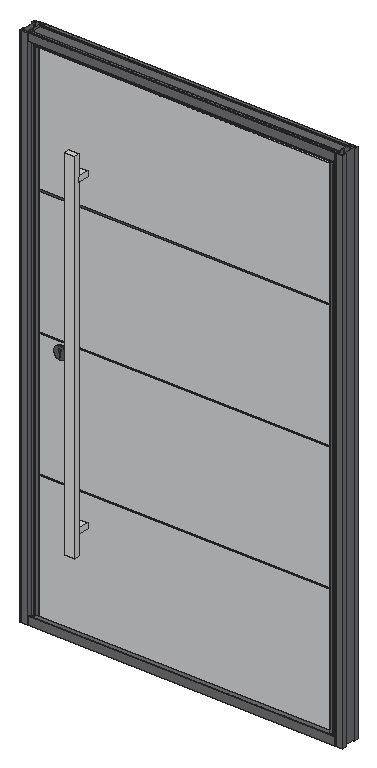
Revit family "YC1321P C7 GG RH", category Doors, host Wall, Revit 2024
Family settings
  Host = Wall
  OmniClass Number = 23.30.10.00
  OmniClass Title = Doors
  Always vertical = Yes
  Cut with Voids When Loaded = No
  Shared = No
  Room Calculation Point = No
Parameters
  Function = Interior
  Frame Projection Ext. = 25 mm
  Frame Projection Int. = 25 mm
  Frame Width = 75 mm
  Height = 2120 mm
  Wall Closure = By host
  Width = 1290 mm
  Analytic Construction = "<None>"
Reference planes
  plane 1: y = 0
  plane 2 "Center (Left/Right)": x = 0
  plane 3 "Left": x = -645
  plane 4 "Right": x = 645
  plane 5: z = 2120
  plane 6 "Exterior": y = 75
  plane 7 "Interior": y = -75
  plane 8: z = 33.5
Forms (mm)
  Sweep 1, solid, material "ALUMINIUM CHAR (TEST)"
    path origin (0, 75, 0) x (1, 0, 0) y (0, 0, 1)
      loop
        line (-601.2, 30) -> (-601.2, 2075) -> (600, 2075) -> (600, 30)
    profile origin (-0.6, 75, 2075) x (0, 0, 1) y (0, -1, 0)
      loop
        line (15, 55) -> (2.8, 55) -> (2.8, 61.5) -> (0.5, 61.5) -> (0.5, 88.5) -> (2.8, 88.5) -> (2.8, 95) -> (15, 95) -> (15, 97) -> (-0.5, 97)
        arc (-0.5, 97) -> (-1.207, 96.707) -> (-1.5, 96) r 1
        line (-1.5, 96) -> (-1.5, 93.9) -> (-0.5, 93.9) -> (-0.5, 95) -> (1, 95) -> (1, 90.5) -> (-0.5, 90.5) -> (-0.5, 91.631) -> (-1.5, 91.631) -> (-1.5, 58.369) -> (-0.5, 58.369) -> (-0.5, 59.5) -> (1, 59.5) -> (1, 55) -> (-0.5, 55) -> (-0.5, 56.1) -> (-1.5, 56.1) -> (-1.5, 54)
        arc (-1.5, 54) -> (-1.207, 53.293) -> (-0.5, 53) r 1
        line (-0.5, 53) -> (15, 53) -> (15, 55)
  Extrusion 2, solid, material "ALUMINIUM CHAR (TEST)"
    sketch origin (0, 0, 0) x (0, 1, 0) y (0, 0, 1)
      loop
        line (37.5, 2120) -> (22, 2120) -> (22, 2118.5) -> (24.5, 2118.5) -> (24.5, 2115.5) -> (-24.5, 2115.5) -> (-24.5, 2118.5) -> (-22, 2118.5) -> (-22, 2120) -> (-37.5, 2120) -> (-37.5, 2090) -> (-4.189, 2090) -> (7.651, 2090) -> (37.5, 2090) -> (37.5, 2120)
      loop
        line (32.168, 2118.2) -> (30.896, 2116.928) -> (29.5, 2118.324) -> (28, 2116.824) -> (26.3, 2118.524) -> (26.3, 2115.8)
        arc (26.3, 2115.8) -> (25.685, 2114.315) -> (24.2, 2113.7) r 2.1
        line (24.2, 2113.7) -> (-24.2, 2113.7)
        arc (-24.2, 2113.7) -> (-25.685, 2114.315) -> (-26.3, 2115.8) r 2.1
        line (-26.3, 2115.8) -> (-26.3, 2118.524) -> (-28, 2116.824) -> (-29.5, 2118.324) -> (-30.896, 2116.928) -> (-32.168, 2118.2) -> (-35.6, 2118.2) -> (-35.6, 2091.8) -> (-32.168, 2091.8) -> (-30.896, 2093.072) -> (-29.5, 2091.676) -> (-28, 2093.176) -> (-26.624, 2091.8) -> (-19.438, 2091.8) -> (26.624, 2091.8) -> (28, 2093.176) -> (29.5, 2091.676) -> (30.896, 2093.072) -> (32.168, 2091.8) -> (35.6, 2091.8) -> (35.6, 2118.2) -> (32.168, 2118.2)
      loop
        line (37.5, 0) -> (37.5, 30) -> (7.651, 30) -> (-4.189, 30) -> (-37.5, 30) -> (-37.5, 0) -> (-22, 0) -> (-22, 1.5) -> (-24.5, 1.5) -> (-24.5, 4.5) -> (24.5, 4.5) -> (24.5, 1.5) -> (22, 1.5) -> (22, 0) -> (37.5, 0)
      loop
        line (32.168, 1.8) -> (35.6, 1.8) -> (35.6, 28.2) -> (32.168, 28.2) -> (30.896, 26.928) -> (29.5, 28.324) -> (28, 26.824) -> (26.624, 28.2) -> (-19.438, 28.2) -> (-26.624, 28.2) -> (-28, 26.824) -> (-29.5, 28.324) -> (-30.896, 26.928) -> (-32.168, 28.2) -> (-35.6, 28.2) -> (-35.6, 1.8) -> (-32.168, 1.8) -> (-30.896, 3.072) -> (-29.5, 1.676) -> (-28, 3.176) -> (-26.3, 1.476) -> (-26.3, 4.2)
        arc (-26.3, 4.2) -> (-25.685, 5.685) -> (-24.2, 6.3) r 2.1
        line (-24.2, 6.3) -> (24.2, 6.3)
        arc (24.2, 6.3) -> (25.685, 5.685) -> (26.3, 4.2) r 2.1
        line (26.3, 4.2) -> (26.3, 1.476) -> (28, 3.176) -> (29.5, 1.676) -> (30.896, 3.072) -> (32.168, 1.8)
    from -615 to 615
  Extrusion 3, solid, material "ALUMINIUM CHAR (TEST)"
    sketch origin (0, 0, 30) x (1, 0, 0) y (0, 1, 0)
      loop
        arc (598.5, 21) -> (597.5, 22) -> (596.5, 21) r 1
        line (596.5, 21) -> (596.5, -21.179)
        arc (596.5, -21.179) -> (596.26, -21.76) -> (595.679, -22) r 0.821
        line (595.679, -22) -> (584.5, -22)
        arc (584.5, -22) -> (583.5, -23) -> (584.5, -24) r 1
        line (584.5, -24) -> (597.679, -24)
        arc (597.679, -24) -> (598.26, -23.76) -> (598.5, -23.179) r 0.821
        line (598.5, -23.179) -> (598.5, 21)
      loop
        arc (-599.7, -21) -> (-598.7, -22) -> (-597.7, -21) r 1
        line (-597.7, -21) -> (-597.7, 21.179)
        arc (-597.7, 21.179) -> (-597.459, 21.76) -> (-596.879, 22) r 0.821
        line (-596.879, 22) -> (-585.7, 22)
        arc (-585.7, 22) -> (-584.7, 23) -> (-585.7, 24) r 1
        line (-585.7, 24) -> (-598.879, 24)
        arc (-598.879, 24) -> (-599.459, 23.76) -> (-599.7, 23.179) r 0.821
        line (-599.7, 23.179) -> (-599.7, -21)
    from 0 to 2043.5
  Extrusion 4, solid, material "ALUMINIUM CHAR (TEST)"
    sketch origin (-25, 22, 130) x (1, 0, 0) y (0, 0, 1)
      loop
        line (620, 1939) -> (608, 1939) -> (608, -94) -> (620, -94) -> (620, 1939)
      loop
        line (-570, 1939) -> (-570, -94) -> (-558, -94) -> (-558, 1939) -> (-570, 1939)
    from 0 to 44
  Extrusion 5, solid, material "ALUMINIUM (METALLIC GREY TEST)"
    sketch origin (-25, 22, 130) x (1, 0, 0) y (0, 0, 1)
      loop
        line (608, 1939) -> (-558, 1939) -> (-558, -94) -> (608, -94) -> (608, 1939)
    from 0 to 4
  Extrusion 6, solid, material "ALUMINIUM (METALLIC GREY TEST)"
    sketch origin (-25, -22, 130) x (1, 0, 0) y (0, 0, -1)
      loop
        line (608, -1939) -> (608, 94) -> (-558, 94) -> (-558, -1939) -> (608, -1939)
    from 0 to 4
  Extrusion 7, solid, material "ALUMINIUM BLACK (TEST)"
    sketch origin (885.466, 22.873, 859.37) x (0.681998, 0, 0.731354) y (-0.731354, 0, 0.681998)
      loop
        line (308.833, 701.562) -> (-486.377, 1554.32) -> (-489.303, 1551.592) -> (305.907, 698.834) -> (308.833, 701.562)
      loop
        line (-63.646, 354.22) -> (-858.856, 1206.978) -> (-861.781, 1204.25) -> (-66.571, 351.492) -> (-63.646, 354.22)
      loop
        line (-436.124, 6.878) -> (-1231.334, 859.637) -> (-1234.26, 856.909) -> (-439.049, 4.15) -> (-436.124, 6.878)
    from 0 to 0.873
  Extrusion 8, solid, material "ALUMINIUM BLACK (TEST)"
    sketch origin (405.722, 27.873, -123.123) x (1, 0, 0) y (0, 0, 1)
      loop
        circle (-896.954, 1135.623) r 25
    from 0 to 5
  Extrusion 9, solid, material "ALUMINIUM BLACK (TEST)"
    sketch origin (405.722, -27.873, -123.123) x (1, 0, 0) y (0, 0, -1)
      loop
        circle (-896.954, -1135.623) r 25
    from 0 to 5
  Extrusion 10, solid, material "Stainless Steel Lever Handle"
    sketch origin (-1264.348, 72.873, -21.123) x (-1, 0, 0) y (0, 0, -1)
      loop
        line (-878.538, -1720) -> (-838.538, -1720) -> (-838.538, -1700) -> (-878.538, -1700) -> (-878.538, -1720)
      loop
        line (-878.538, -440) -> (-878.538, -460) -> (-838.538, -460) -> (-838.538, -440) -> (-878.538, -440)
    from 5 to 50
  Extrusion 11, solid, material "Stainless Steel Lever Handle"
    sketch origin (14.789, 87.873, 223.877) x (1, 0, 0) y (0, 0, 1)
      loop
        line (-400.6, 115) -> (-400.6, 1555) -> (-440.6, 1555) -> (-440.6, 115) -> (-400.6, 115)
    from 0 to 20
  Extrusion 12, solid, material "Stainless Steel Lever Handle"
    sketch origin (-1264.348, -72.873, -21.123) x (-1, 0, 0) y (0, 0, 1)
      loop
        line (-878.538, 1720) -> (-878.538, 1700) -> (-838.538, 1700) -> (-838.538, 1720) -> (-878.538, 1720)
      loop
        line (-878.538, 440) -> (-838.538, 440) -> (-838.538, 460) -> (-878.538, 460) -> (-878.538, 440)
    from 5 to 50
  Extrusion 13, solid, material "Stainless Steel Lever Handle"
    sketch origin (14.789, -87.873, 223.877) x (1, 0, 0) y (0, 0, -1)
      loop
        line (-400.6, -115) -> (-440.6, -115) -> (-440.6, -1555) -> (-400.6, -1555) -> (-400.6, -115)
    from 0 to 20
  Extrusion 14, void
    sketch origin (140.5, 67.873, -123.123) x (1, 0, 0) y (0, 0, 1)
      loop
        arc (-634.732, 1122.18) -> (-631.732, 1119.18) -> (-628.732, 1122.18) r 3
        line (-628.732, 1122.18) -> (-628.732, 1136.773)
        arc (-628.732, 1136.773) -> (-631.732, 1150.865) -> (-634.732, 1136.773) r 7.365
        line (-634.732, 1136.773) -> (-634.732, 1122.18)
    from 40 to 45
  Extrusion 15, void
    sketch origin (140.5, -67.873, -123.123) x (1, 0, 0) y (0, 0, -1)
      loop
        line (-634.732, -1122.18) -> (-634.732, -1136.773)
        arc (-634.732, -1136.773) -> (-631.732, -1150.865) -> (-628.732, -1136.773) r 7.365
        line (-628.732, -1136.773) -> (-628.732, -1122.18)
        arc (-628.732, -1122.18) -> (-631.732, -1119.18) -> (-634.732, -1122.18) r 3
    from 40 to 45
  Extrusion 16, solid, material "ALUMINIUM CHAR (TEST)"
    sketch origin (0, 0, 0) x (1, 0, 0) y (0, 1, 0)
      loop
        line (-645, 37.5) -> (-645, 22) -> (-643.5, 22) -> (-643.5, 24.5) -> (-640.5, 24.5) -> (-640.5, -24.5) -> (-643.5, -24.5) -> (-643.5, -22) -> (-645, -22) -> (-645, -37.5) -> (-615, -37.5) -> (-615, -17) -> (-615.993, -17) -> (-616.394, -18.496) -> (-617.6, -18.496) -> (-617.6, -0.254) -> (-616.306, -0.254) -> (-616.066, -3) -> (-615, -3) -> (-615, 37.5) -> (-645, 37.5)
      loop
        line (-616.8, 26.624) -> (-618.176, 28) -> (-616.676, 29.5) -> (-618.072, 30.896) -> (-616.8, 32.168) -> (-616.8, 35.6) -> (-643.2, 35.6) -> (-643.2, 32.168) -> (-641.928, 30.896) -> (-643.324, 29.5) -> (-641.824, 28) -> (-643.524, 26.3) -> (-640.8, 26.3)
        arc (-640.8, 26.3) -> (-639.315, 25.685) -> (-638.7, 24.2) r 2.1
        line (-638.7, 24.2) -> (-638.7, -24.2)
        arc (-638.7, -24.2) -> (-639.315, -25.685) -> (-640.8, -26.3) r 2.1
        line (-640.8, -26.3) -> (-643.524, -26.3) -> (-641.824, -28) -> (-643.324, -29.5) -> (-641.928, -30.896) -> (-643.2, -32.168) -> (-643.2, -35.6) -> (-616.8, -35.6) -> (-616.8, -32.168) -> (-618.072, -30.896) -> (-616.676, -29.5) -> (-618.176, -28) -> (-616.8, -26.624) -> (-616.8, -20.239)
        arc (-616.8, -20.239) -> (-618.596, -19.852) -> (-619.4, -18.2) r 2.1
        line (-619.4, -18.2) -> (-619.4, -0.55)
        arc (-619.4, -0.55) -> (-618.596, 1.102) -> (-616.8, 1.49) r 2.1
        line (-616.8, 1.49) -> (-616.8, 26.624)
      loop
        line (645, 37.5) -> (615, 37.5) -> (615, -3) -> (616.066, -3) -> (616.306, -0.254) -> (617.6, -0.254) -> (617.6, -18.496) -> (616.394, -18.496) -> (615.993, -17) -> (615, -17) -> (615, -37.5) -> (645, -37.5) -> (645, -22) -> (643.5, -22) -> (643.5, -24.5) -> (640.5, -24.5) -> (640.5, 24.5) -> (643.5, 24.5) -> (643.5, 22) -> (645, 22) -> (645, 37.5)
      loop
        line (616.8, 26.624) -> (616.8, 1.49)
        arc (616.8, 1.49) -> (618.596, 1.102) -> (619.4, -0.55) r 2.1
        line (619.4, -0.55) -> (619.4, -18.2)
        arc (619.4, -18.2) -> (618.596, -19.852) -> (616.8, -20.239) r 2.1
        line (616.8, -20.239) -> (616.8, -26.624) -> (618.176, -28) -> (616.676, -29.5) -> (618.072, -30.896) -> (616.8, -32.168) -> (616.8, -35.6) -> (643.2, -35.6) -> (643.2, -32.168) -> (641.928, -30.896) -> (643.324, -29.5) -> (641.824, -28) -> (643.524, -26.3) -> (640.8, -26.3)
        arc (640.8, -26.3) -> (639.315, -25.685) -> (638.7, -24.2) r 2.1
        line (638.7, -24.2) -> (638.7, 24.2)
        arc (638.7, 24.2) -> (639.315, 25.685) -> (640.8, 26.3) r 2.1
        line (640.8, 26.3) -> (643.524, 26.3) -> (641.824, 28) -> (643.324, 29.5) -> (641.928, 30.896) -> (643.2, 32.168) -> (643.2, 35.6) -> (616.8, 35.6) -> (616.8, 32.168) -> (618.072, 30.896) -> (616.676, 29.5) -> (618.176, 28) -> (616.8, 26.624)
    from 0 to 2120
  Extrusion 17, solid, material "ALUMINIUM BLACK (TEST)"
    sketch origin (885.466, -22.873, 859.37) x (0.681998, 0, 0.731354) y (0.731354, 0, -0.681998)
      loop
        line (308.833, -701.562) -> (305.907, -698.834) -> (-489.303, -1551.592) -> (-486.377, -1554.32) -> (308.833, -701.562)
      loop
        line (-63.646, -354.22) -> (-66.571, -351.492) -> (-861.781, -1204.25) -> (-858.856, -1206.978) -> (-63.646, -354.22)
      loop
        line (-436.124, -6.878) -> (-439.049, -4.15) -> (-1234.26, -856.909) -> (-1231.334, -859.637) -> (-436.124, -6.878)
    from 0 to 0.873
Cuts and joins
  Extrusion 14 cuts Extrusion 8
  Extrusion 15 cuts Extrusion 9
Lines and regions (mm)
  Opening 1
    outline origin (-5000, -75, 0) x (1, 0, 0) y (0, 0, 1)
      loop
        line (4355, 0) -> (5645, 0) -> (5645, 2120) -> (4355, 2120) -> (4355, 0)
  model lines
    curve 1: line (-602.851, 22.5, 0) -> (602.851, 22.5, 0)
    curve 2: line (-603, -13, 0) -> (603, -13, 0)
    curve 8: line (300, -22.5, 0) -> (300, -925.5, 0)
    curve 9: arc (-603, -22.5, 0) -> (-338.517, -661.017, 0) -> (300, -925.5, 0) r 903
    curve 10: line (300, 13, 0) -> (300, 316, 0)
    curve 11: arc (300, 316, 0) -> (514.253, 227.253, 0) -> (603, 13, 0) r 303
  symbolic lines, style "Elevation Swing"
    curve 3: line (-645, -75, 1060) -> (300, -75, 2078)
    curve 4: line (-645, -75, 1060) -> (300, -75, 0)
    curve 5: line (603, -75, 1045) -> (300, -75, 2078)
    curve 6: line (603, -75, 1045) -> (300, -75, 0)
  model lines, style "Elevation Swing"
    curve 7: line (300, 0, 0) -> (300, 0, 2078)
Text (mm)
  text "Exterior" at (-2295.016, 1099.543, 0), in view "Ref. Level"
  text "Exterior" at (0, 1615.38, 3698.081), in view "Left"
  text "Exterior" at (0, 1036.032, 3874.932), in view "Right"
Dimensions and locks
  equal spacing: plane 3 "Left", plane 2 "Center (Left/Right)", plane 4 "Right"
  "Width": plane 3 "Left" to plane 4 "Right"
  "Height": plane 5 to host wall
  host wall to plane 5 = 2120 mm  (x2)
  locked: plane 6 "Exterior" to host wall
  locked: plane 7 "Interior" to host wall
  plane 3 "Left" to plane 4 "Right" = 1290 mm  (x2)
  aligned and locked: plane 1 to host wall
  aligned and locked: Opening 1 sketch curve to level
Automatic sketch dimensions
  curve 7 to level = 0 mm
  plane 5 to curve 7 = 42 mm
  plane 2 "Center (Left/Right)" to curve 7 = 300 mm
  plane 3 "Left" to curve 4 = 0 mm
  curve 4 to level = 0 mm
  plane 2 "Center (Left/Right)" to curve 4 = 300 mm
  plane 5 to curve 5 = 42 mm
  plane 2 "Center (Left/Right)" to curve 5 = 300 mm
  plane 4 "Right" to curve 6 = 42 mm
  plane 8 to curve 5 = 1011.5 mm
  plane 8 to curve 4 = 1026.5 mm
  plane 2 "Center (Left/Right)" to curve 8 = 300 mm
  curve 11 to host wall = 13 mm
  curve 11 to curve 8 = 0 mm
  host wall to curve 9 = 22.5 mm
  host wall to curve 8 = 850.5 mm
  host wall to curve 10 = 241 mm
  curve 1 to plane 3 "Left" = 42.149 mm
  curve 2 to curve 9 = 0 mm
  curve 1 to curve 11 = 0.149 mm
  curve 2 to curve 11 = 0 mm
  host wall to curve 2 = 13 mm
  curve 8 to curve 9 = 0 mm
  curve 10 to curve 11 = 0 mm
  plane 3 "Left" to Opening 1 sketch curve = 0 mm
  plane 4 "Right" to Opening 1 sketch curve = 0 mm
  Opening 1 sketch curve to plane 5 = 0 mm
  Sweep 1 sketch curve to plane 3 "Left" = 43.8 mm
  plane 4 "Right" to Sweep 1 sketch curve = 45 mm
  plane 5 to Sweep 1 sketch curve = 45 mm
  Sweep 1 sketch curve to plane 8 = 3.5 mm  (x2)
  profile plane to Sweep 1 sketch curve = 1.5 mm  (x3)
  profile plane to Sweep 1 sketch curve = 0.5 mm  (x6)
  Sweep 1 sketch curve to profile plane = 0.5 mm
  Sweep 1 sketch curve to profile plane = 1 mm  (x2)
  Sweep 1 sketch curve to Sweep 1 sketch curve = 1.8 mm
  Sweep 1 sketch curve to Sweep 1 sketch curve = 2.3 mm
  Sweep 1 sketch curve to Sweep 1 sketch curve = 12.2 mm  (x2)
  profile plane to Sweep 1 sketch curve = 53 mm
  Sweep 1 sketch curve to Sweep 1 sketch curve = 1 mm  (x3)
  Sweep 1 sketch curve to Sweep 1 sketch curve = 1.1 mm  (x2)
  Sweep 1 sketch curve to Sweep 1 sketch curve = 2.269 mm  (x2)
  Sweep 1 sketch curve to Sweep 1 sketch curve = 1.131 mm  (x2)
  Sweep 1 sketch curve to Sweep 1 sketch curve = 2 mm  (x2)
  Sweep 1 sketch curve to Sweep 1 sketch curve = 27 mm
  Sweep 1 sketch curve to Sweep 1 sketch curve = 6.5 mm
  Extrusion 2 sketch curve to level = 0 mm  (x2)
  plane 5 to Extrusion 2 sketch curve = 0 mm  (x2)
  host wall to Extrusion 2 sketch curve = 37.5 mm  (x2)
  Extrusion 2 sketch curve to plane 8 = 3.5 mm
  Extrusion 2 sketch curve to Extrusion 2 sketch curve = 1.9 mm  (x4)
  Extrusion 2 sketch curve to Extrusion 2 sketch curve = 3.432 mm  (x6)
  Extrusion 2 sketch curve to plane 8 = 5.3 mm  (x2)
  plane 5 to Extrusion 2 sketch curve = 3.072 mm  (x2)
  Extrusion 2 sketch curve to Extrusion 2 sketch curve = 1.272 mm  (x11)
  Extrusion 2 sketch curve to plane 8 = 6.572 mm  (x2)
  level to Extrusion 2 sketch curve = 3.072 mm  (x2)
  Extrusion 2 sketch curve to Extrusion 2 sketch curve = 1.396 mm  (x7)
  Extrusion 2 sketch curve to plane 8 = 5.176 mm  (x2)
  plane 5 to Extrusion 2 sketch curve = 1.676 mm  (x2)
  level to Extrusion 2 sketch curve = 1.676 mm  (x2)
  plane 5 to Extrusion 2 sketch curve = 3.176 mm  (x2)
  Extrusion 2 sketch curve to Extrusion 2 sketch curve = 1.5 mm  (x4)
  level to Extrusion 2 sketch curve = 3.176 mm  (x2)
  Extrusion 2 sketch curve to plane 8 = 6.676 mm  (x2)
  Extrusion 2 sketch curve to Extrusion 2 sketch curve = 1.376 mm  (x4)
  Extrusion 2 sketch curve to Extrusion 2 sketch curve = 1.7 mm  (x4)
  Extrusion 2 sketch curve to Extrusion 2 sketch curve = 1.8 mm  (x4)
  Extrusion 2 sketch curve to Extrusion 2 sketch curve = 0.3 mm  (x6)
  Extrusion 2 sketch curve to Extrusion 2 sketch curve = 2.5 mm  (x2)
  Extrusion 2 sketch curve to Extrusion 2 sketch curve = 7.186 mm  (x2)
  host wall to Extrusion 2 sketch curve = 4.189 mm  (x2)
  Extrusion 2 sketch curve to host wall = 7.651 mm  (x2)
  level to Extrusion 2 sketch curve = 1.5 mm  (x2)
  Extrusion 2 sketch curve to host wall = 22 mm  (x2)
  Extrusion 2 sketch curve to Extrusion 2 sketch curve = 2.2 mm  (x2)
  plane 5 to Extrusion 2 sketch curve = 1.476 mm
  level to Extrusion 2 sketch curve = 1.476 mm
  Extrusion 2 sketch curve to Extrusion 2 sketch curve = 18.973 mm  (x2)
  Extrusion 2 sketch curve to Extrusion 2 sketch curve = 1.024 mm
  Extrusion 2 sketch curve to Extrusion 2 sketch curve = 26.928 mm
  Extrusion 2 sketch curve to Extrusion 2 sketch curve = 1.676 mm  (x2)
  Extrusion 2 sketch curve to Extrusion 2 sketch curve = 0.124 mm  (x2)
  Extrusion 2 sketch curve to Extrusion 2 sketch curve = 3.124 mm
  plane 5 to Extrusion 2 sketch curve = 1.5 mm  (x2)
  Extrusion 3 sketch curve to plane 3 "Left" = 45.3 mm
  Extrusion 3 sketch curve to Extrusion 3 sketch curve = 0.821 mm  (x4)
  Extrusion 3 sketch curve to Extrusion 3 sketch curve = 1 mm  (x4)
  Extrusion 3 sketch curve to Extrusion 3 sketch curve = 11.179 mm  (x2)
  host wall to Extrusion 3 sketch curve = 24 mm
  plane 4 "Right" to Extrusion 3 sketch curve = 60.5 mm
  host wall to Extrusion 3 sketch curve = 21 mm
  Extrusion 3 sketch curve to host wall = 21 mm
  Extrusion 3 sketch curve to host wall = 21.179 mm
  Extrusion 4 sketch curve to plane 3 "Left" = 50 mm
  plane 8 to Extrusion 4 sketch curve = 2.5 mm  (x2)
  Extrusion 4 sketch curve to Extrusion 4 sketch curve = 12 mm  (x2)
  plane 4 "Right" to Extrusion 4 sketch curve = 62 mm
  plane 5 to Extrusion 4 sketch curve = 51 mm  (x2)
  Extrusion 5 sketch curve to plane 3 "Left" = 62 mm
  plane 8 to Extrusion 5 sketch curve = 2.5 mm
  plane 4 "Right" to Extrusion 5 sketch curve = 62 mm
  plane 5 to Extrusion 5 sketch curve = 51 mm
  Extrusion 6 sketch curve to plane 3 "Left" = 62 mm
  plane 8 to Extrusion 6 sketch curve = 2.5 mm
  plane 4 "Right" to Extrusion 6 sketch curve = 62 mm
  plane 5 to Extrusion 6 sketch curve = 51 mm
  Extrusion 7 sketch curve to plane 3 "Left" = 62 mm
  plane 8 to Extrusion 7 sketch curve = 507.6 mm
  Extrusion 7 sketch curve to Extrusion 7 sketch curve = 2.925 mm  (x3)
  Extrusion 7 sketch curve to Extrusion 7 sketch curve = 369.553 mm  (x4)
  Extrusion 7 sketch curve to Extrusion 7 sketch curve = 795.21 mm
  Extrusion 7 sketch curve to Extrusion 7 sketch curve = 155.347 mm
  Extrusion 7 sketch curve to Extrusion 7 sketch curve = 2.728 mm  (x2)
  Extrusion 7 sketch curve to Extrusion 7 sketch curve = 344.614 mm  (x2)
  Extrusion 8 sketch curve to plane 3 "Left" = 153.768 mm
  plane 8 to Extrusion 8 sketch curve = 979 mm
  Extrusion 9 sketch curve to plane 3 "Left" = 153.768 mm
  plane 8 to Extrusion 9 sketch curve = 979 mm
  Extrusion 10 sketch curve to plane 3 "Left" = 259.19 mm  (x2)
  Extrusion 10 sketch curve to Extrusion 10 sketch curve = 40 mm  (x2)
  plane 5 to Extrusion 10 sketch curve = 421.123 mm
  Extrusion 10 sketch curve to Extrusion 10 sketch curve = 20 mm  (x2)
  plane 8 to Extrusion 10 sketch curve = 405.377 mm
  Extrusion 11 sketch curve to plane 3 "Left" = 219.19 mm
  Extrusion 11 sketch curve to Extrusion 11 sketch curve = 40 mm
  plane 8 to Extrusion 11 sketch curve = 305.377 mm
  plane 5 to Extrusion 11 sketch curve = 341.123 mm
  Extrusion 12 sketch curve to plane 3 "Left" = 259.19 mm  (x2)
  Extrusion 12 sketch curve to Extrusion 12 sketch curve = 40 mm  (x2)
  plane 8 to Extrusion 12 sketch curve = 385.377 mm
  Extrusion 12 sketch curve to Extrusion 12 sketch curve = 20 mm  (x2)
  plane 5 to Extrusion 12 sketch curve = 441.123 mm
  Extrusion 13 sketch curve to plane 3 "Left" = 219.19 mm
  Extrusion 13 sketch curve to Extrusion 13 sketch curve = 40 mm
  plane 5 to Extrusion 13 sketch curve = 341.123 mm
  plane 8 to Extrusion 13 sketch curve = 305.377 mm
  Extrusion 14 sketch curve to plane 3 "Left" = 150.768 mm
  Extrusion 14 sketch curve to Extrusion 14 sketch curve = 3 mm  (x2)
  plane 8 to Extrusion 14 sketch curve = 965.558 mm
  Extrusion 14 sketch curve to Extrusion 14 sketch curve = 14.593 mm
  Extrusion 14 sketch curve to Extrusion 14 sketch curve = 6.726 mm
  Extrusion 15 sketch curve to plane 3 "Left" = 150.768 mm
  Extrusion 15 sketch curve to Extrusion 15 sketch curve = 3 mm  (x2)
  plane 8 to Extrusion 15 sketch curve = 986.877 mm
  Extrusion 15 sketch curve to Extrusion 15 sketch curve = 6.726 mm
  Extrusion 15 sketch curve to Extrusion 15 sketch curve = 14.593 mm
  Extrusion 16 sketch curve to plane 3 "Left" = 0 mm  (x2)
  Extrusion 16 sketch curve to plane 4 "Right" = 0 mm  (x2)
  Extrusion 16 sketch curve to plane 3 "Left" = 1.476 mm  (x2)
  Extrusion 16 sketch curve to plane 3 "Left" = 1.5 mm  (x2)
  Extrusion 16 sketch curve to plane 3 "Left" = 1.676 mm  (x2)
  Extrusion 16 sketch curve to plane 3 "Left" = 1.8 mm  (x2)
  Extrusion 16 sketch curve to Extrusion 16 sketch curve = 1.272 mm  (x12)
  Extrusion 16 sketch curve to Extrusion 16 sketch curve = 1.5 mm  (x4)
  Extrusion 16 sketch curve to Extrusion 16 sketch curve = 1.024 mm  (x4)
  Extrusion 16 sketch curve to Extrusion 16 sketch curve = 0.3 mm  (x8)
  Extrusion 16 sketch curve to Extrusion 16 sketch curve = 1.8 mm  (x8)
  host wall to Extrusion 16 sketch curve = 0.55 mm  (x2)
  Extrusion 16 sketch curve to plane 3 "Left" = 25.6 mm
  Extrusion 16 sketch curve to Extrusion 16 sketch curve = 20.524 mm
  Extrusion 16 sketch curve to Extrusion 16 sketch curve = 1.224 mm
  Extrusion 16 sketch curve to Extrusion 16 sketch curve = 0.104 mm  (x4)
  Extrusion 16 sketch curve to Extrusion 16 sketch curve = 1.376 mm  (x8)
  Extrusion 16 sketch curve to Extrusion 16 sketch curve = 1.396 mm  (x6)
  Extrusion 16 sketch curve to Extrusion 16 sketch curve = 0.906 mm  (x2)
  host wall to Extrusion 16 sketch curve = 0.254 mm  (x2)
  Extrusion 16 sketch curve to Extrusion 16 sketch curve = 0.994 mm  (x2)
  Extrusion 16 sketch curve to Extrusion 16 sketch curve = 1.234 mm
  Extrusion 16 sketch curve to Extrusion 16 sketch curve = 0.401 mm  (x2)
  Extrusion 16 sketch curve to Extrusion 16 sketch curve = 30 mm
  Extrusion 16 sketch curve to Extrusion 16 sketch curve = 0 mm
  Extrusion 16 sketch curve to Extrusion 16 sketch curve = 0.993 mm
  Extrusion 16 sketch curve to Extrusion 16 sketch curve = 1.066 mm
  Extrusion 16 sketch curve to Extrusion 16 sketch curve = 0.24 mm
  Extrusion 16 sketch curve to Extrusion 16 sketch curve = 1.676 mm  (x2)
  Extrusion 16 sketch curve to Extrusion 16 sketch curve = 0.124 mm  (x4)
  plane 4 "Right" to Extrusion 16 sketch curve = 6.3 mm
  plane 4 "Right" to Extrusion 16 sketch curve = 1.676 mm  (x2)
  plane 4 "Right" to Extrusion 16 sketch curve = 1.5 mm  (x2)
  plane 4 "Right" to Extrusion 16 sketch curve = 1.476 mm  (x2)
  Extrusion 16 sketch curve to Extrusion 16 sketch curve = 2.45 mm  (x2)
  Extrusion 16 sketch curve to Extrusion 16 sketch curve = 14 mm  (x2)
  Extrusion 16 sketch curve to Extrusion 16 sketch curve = 1.2 mm  (x2)
  Extrusion 16 sketch curve to Extrusion 16 sketch curve = 0.296 mm  (x2)
  host wall to Extrusion 16 sketch curve = 22 mm  (x2)
  Extrusion 16 sketch curve to Extrusion 16 sketch curve = 2.2 mm  (x4)
  Extrusion 16 sketch curve to Extrusion 16 sketch curve = 6.385 mm  (x2)
  Extrusion 16 sketch curve to Extrusion 16 sketch curve = 1.7 mm  (x4)
  Extrusion 16 sketch curve to Extrusion 16 sketch curve = 3.432 mm  (x4)
  Extrusion 16 sketch curve to Extrusion 16 sketch curve = 1.9 mm  (x4)
  Extrusion 16 sketch curve to host wall = 22 mm  (x2)
  Extrusion 16 sketch curve to Extrusion 16 sketch curve = 2.424 mm  (x2)
  Extrusion 17 sketch curve to plane 3 "Left" = 62 mm
  plane 8 to Extrusion 17 sketch curve = 507.6 mm
  Extrusion 17 sketch curve to Extrusion 17 sketch curve = 2.925 mm  (x3)
  Extrusion 17 sketch curve to Extrusion 17 sketch curve = 369.553 mm  (x4)
  Extrusion 17 sketch curve to Extrusion 17 sketch curve = 795.21 mm
  Extrusion 17 sketch curve to Extrusion 17 sketch curve = 2.728 mm  (x3)
  Extrusion 17 sketch curve to Extrusion 17 sketch curve = 344.614 mm  (x2)
  radius of Extrusion 8 sketch curve = 25 mm
  radius of Extrusion 9 sketch curve = 25 mm
